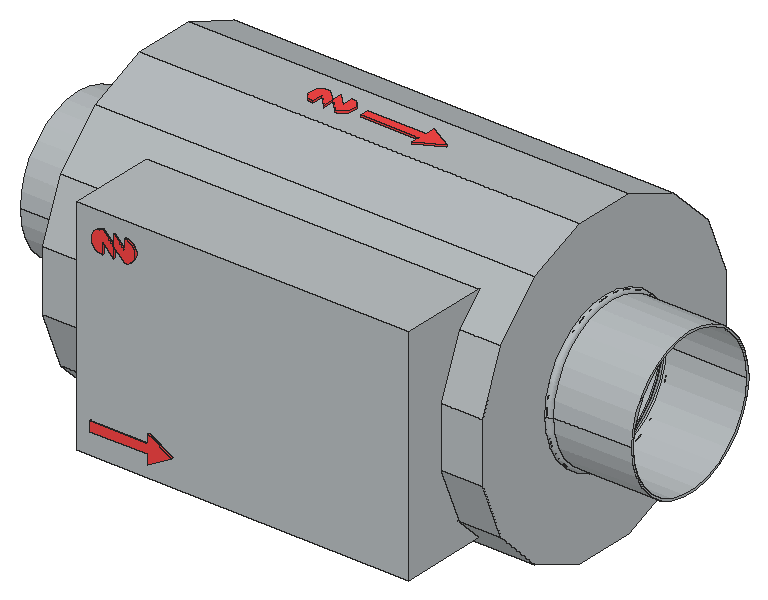
Revit family "NLRS_57_DUA_UN_round-constant-volume-damper-vcmh_sacs", category Duct Accessories, Revit 2019
Family settings
  Round Connector Dimension = Use Diameter
  Part Type = Breaks Into
  Work Plane-Based = No
  Always vertical = No
  Cut with Voids When Loaded = No
  Shared = No
Parameters (values of type "Double wall")
  URL = "https://solid-air.nl/producten/solid-air-volumeregelaar-vcmh-2/"
  SACS_Warning_Text_Size [instance] = if(SACS_Warning_Size, "Invalid duct size. Nearest larger size selected", " ")  # " "
  SACS_Warning_Text_Ploss [instance] = if(SACS_Warning_Ploss, "Defined ▲P below required value", " ")  # " "
  SACS_Warning_Text_Flow [instance] = if(SACS_Warning_Flow, "Airflow below advised 4m/s", " ")  # "Airflow below advised 4m/s"
  SACS_Warning_Size [instance] = not(NLRS_M_c01_diameter = SACS_Duct_Used_Size)  # no
  SACS_Warning_Sign [instance] = and(NLRS_M_c01_debiet > 0.0 m³/h, not(SACS_Disable_Warning), or(SACS_Warning_Flow, SACS_Warning_Ploss, SACS_Warning_Size))  # no
  SACS_Warning_Ploss [instance] = NLRS_M_c01_drukverlies_statisch < Minimal required ▲P over damper  # no
  SACS_Warning_Flow [instance] = SACS_Air_Velocity < Advised mininmal air velocity  # yes
  SACS_Type_Toggle [instance] = SACS_Index2 = 1 mm  # yes
  SACS_Type_Mark [instance] = ""
  SACS_Show_Control [instance] = SACS_Index1 > 0 mm  # no
  SACS_Price_Date [instance] = size_lookup(Product_Data, "Date", "NB", SACS_Index1, SACS_Index2, SACS_Duct_Used_Size)  # "01-02-2022"
  SACS_Option_2 [instance] = if(SACS_Index2 = 1 mm, "Double wall", "Single wall")  # "Double wall"
  SACS_Option_1 [instance] = if([Control type (0-2)] < 1, "Manual", if([Control type (0-2)] = 1, "24 volt, 2positions", "230 volt, 2positions"))  # "Manual"
  SACS_Model [instance] = size_lookup(Product_Data, "Model", "NB", SACS_Index1, SACS_Index2, SACS_Duct_Used_Size)  # "VCMHOA 80"
  SACS_Logo_Z [instance] = if(SACS_Type_Toggle, (SACS_Duct_Used_Size / 2) + 43.5 mm, SACS_Duct_Used_Size / 2)  # 83.5 mm
  SACS_Length_X2 [instance] = SACS_Duct_Used_Size * 2 * SACS_Dummy  # 160 mm
  SACS_Length_X [instance] = SACS_Duct_Used_Size * 3 * SACS_Dummy  # 240 mm
  SACS_Length_STD [instance] = if(SACS_Duct_Used_Size > 250 mm, 456 mm, if(SACS_Duct_Used_Size > 200 mm, 406 mm, 329 mm)) - (2 mm * 40) - 8 mm  # 241 mm
  SACS_Internal_Diameter [instance] = (SACS_Duct_Used_Size - 2 mm) * SACS_Dummy  # 78 mm
  SACS_Index2 = 1 mm
  SACS_Index1 [instance] = if([Control type (0-2)] < 1, 0 mm, if([Control type (0-2)] = 1, 1 mm, 2 mm))  # 0 mm
  SACS_Gross_Cost [instance] = size_lookup(Product_Data, "Product_Cost", 0, SACS_Index1, SACS_Index2, SACS_Duct_Used_Size)  # 322
  SACS_Duct_Used_Size [instance] = if(NLRS_M_c01_diameter > 250 mm, 315 mm, if(NLRS_M_c01_diameter > 200 mm, 250 mm, if(NLRS_M_c01_diameter > 160 mm, 200 mm, if(NLRS_M_c01_diameter > 125 mm, 160 mm, if(NLRS_M_c01_diameter > 100 mm, 125 mm, if(NLRS_M_c01_diameter > 80 mm, 100 mm, 80 mm))))))  # 80 mm
  SACS_Disable_Warning [instance] = no
  SACS_Damper_X_Offset [instance] = if(SACS_Duct_Used_Size > 200 mm, 100 mm, 80 mm)  # 80 mm
  SACS_Axel_Half_Length [instance] = ((SACS_Duct_Used_Size / 2) + 10 mm) * SACS_Dummy  # 50 mm
  SACS_Article_Code [instance] = size_lookup(Product_Data, "", "NB", SACS_Index1, SACS_Index2, SACS_Duct_Used_Size)  # "9200000029"
  SACS_Air_Velocity [instance] = SACS_Air_Flow / (pi() * (SACS_Duct_Used_Size / 2) ^ 2)  # 0.0 m/s
  NLRS_M_c01_drukverlies_statisch [instance] = 50.0 Pa
  LoadBearing = 1 = 0  # no
  IfcExportType = "CONTROLDAMPER"  # constant formula
  IfcExportAs = "IfcDamperType"  # constant formula
  IfcDescription = Description  # "Round Volume Damper VCMH"
  FireRating = "0h"  # constant formula
  built-in parameter 1114242 [instance] = (empty or 0)
  Type Comments = "Check flow direction!"  # constant formula
  SACS_Dummy = 1  # constant formula
  SACS_Air_Flow [instance] = 0.0 m³/h
  Show_recommended_placement_zone [instance] = yes
  NLRS_M_c01_diameter [instance] = 80 mm
  NLRS_M_c01_debiet [instance] = abs(SACS_Air_Flow)  # 0.0 m³/h
  NLRS_C_lengte [instance] = (SACS_Length_STD + 8 mm) * SACS_Dummy  # 249 mm
  Minimal required ▲P over damper [instance] = 50.0 Pa  # constant formula
  Product_Data = "VCMH_Data"  # constant formula
  Control type (0-2) [instance] = 0
  NLRS_C_niveau ontwikkeling = "LOD400"  # constant formula
  NLRS_C_model [instance] = SACS_Model  # "VCMHOA 80"
  NLRS_C_description = Description  # "Round Volume Damper VCMH"
  NLRS_C_content_versie = "Versie 3.19.00"  # constant formula
  NLRS_C_content_provider = "Solid Air Climate Systems"  # constant formula
  NLRS_C_content_datum_uitgifte = "29-04-2022"  # constant formula
  NLRS_C_content_creator = "J. Feeke"  # constant formula
  Model = "Constant volume damper - Round"  # constant formula
  Manufacturer = "Solid Air Climate Solutions"  # constant formula
  Description = "Round Volume Damper VCMH"  # constant formula
  External_Diameter_Double_Wall [instance] = (SACS_Duct_Used_Size + 90 mm) * SACS_Dummy  # 170 mm
  Assembly Code = "57.00"
  Advised mininmal air velocity [instance] = 4.0 m/s  # constant formula
Types (3, lengths in mm): name | URL | SACS_Type_Toggle | SACS_Option_2 | SACS_Model | SACS_Logo_Z | SACS_Index2 | SACS_Gross_Cost | SACS_Disable_Warning | SACS_Article_Code | NLRS_C_model
  (no name) | "https://solid-air.nl/producten/solid-air-volumeregelaar-vcmh-2/" | yes | "Double wall" | "VCMHOA 80" | 83.5 | 1 | 322 | no | "9200000029" | "VCMHOA 80"
  Single wall | "https://solid-air.nl/producten/solid-air-volumeregelaar-vcmh/" | no | "Single wall" | "VCMHOR 80" | 40 | 0 | 169 | yes | "9200000050" | "VCMHOR 80"
  Double wall | "https://solid-air.nl/producten/solid-air-volumeregelaar-vcmh-2/" | yes | "Double wall" | "VCMHOA 80" | 83.5 | 1 | 322 | no | "9200000029" | "VCMHOA 80"
Reference planes
  plane 1 "Center (Front/Back)": y = 0
  plane 2: z = 0
  plane 3 "Center (Left/Right)": x = 0
  plane 4 "L_In": x = -241
  plane 5 "Left": x = -245
  plane 6 "Right": x = 4
  plane 7 "Klepblad": x = -165
  plane 8: y = -50
  plane 9: y = 50
  plane 10: x = -481
  plane 11: x = 160
  plane 12 "top": z = 83.5
  plane 13: x = -120.5
  plane 14: x = -438.054
  plane 15 "Bottom": z = -83.5
  plane 16: x = -120.5
  plane 17: x = -730.5
  plane 18: x = -120.5
  plane 19: x = 359.936
Forms (mm)
  Extrusion 1, solid, not visible
    sketch origin (0, 0, 0) x (0, 1, 0) y (0, 0, 1)
      loop
        circle (0, 0) r 5
    from -245 to 4
  Extrusion 2, solid, material "NLRS_A_SACS_SVZ", detail levels medium+fine
    sketch origin (0, 0, 0) x (1, 0, 0) y (0, 0, 1)
      loop
        circle (-165, 0) r 6
    from -50 to 50
  Extrusion 3, solid, material "NLRS_A_SACS_SVZ", detail levels medium+fine
    sketch origin (0, 0, 0) x (1, 0, 0) y (0, 1, 0)
      loop
        spline (-126, 0) -> (-127.329, 10.094) -> (-131.225, 19.5) -> (-137.423, 27.577) -> (-145.5, 33.775) -> (-154.906, 37.671) -> (-165, 39) -> (-175.094, 37.671) -> (-184.5, 33.775) -> (-192.577, 27.577) -> (-198.775, 19.5) -> (-202.671, 10.094) -> (-204, 0)
        spline (-204, 0) -> (-202.671, -10.094) -> (-198.775, -19.5) -> (-192.577, -27.577) -> (-184.5, -33.775) -> (-175.094, -37.671) -> (-165, -39) -> (-154.906, -37.671) -> (-145.5, -33.775) -> (-137.423, -27.577) -> (-131.225, -19.5) -> (-127.329, -10.094) -> (-126, 0)
    from -0.5 to 0.5
  Sweep 4, solid, material "NLRS_A_SACS_SVZ", visible <- "SACS_Type_Toggle", detail levels medium+fine
    path in 3D
      loop
        line (-241, 0, 0) -> (0, 0, 0)
    profile "Profile_Buitenmantel : Profile_Buitenmantel" origin (-120.5, 0, 0) x (0, 1, 0) y (0, 0, 1)
      loop
        line (16.583, 83.367) -> (-16.583, 83.367) -> (-47.223, 70.675) -> (-70.675, 47.223) -> (-83.367, 16.583) -> (-83.367, -16.583) -> (-70.675, -47.223) -> (-47.223, -70.675) -> (-16.583, -83.367) -> (16.583, -83.367) -> (47.223, -70.675) -> (70.675, -47.223) -> (83.367, -16.583) -> (83.367, 16.583) -> (70.675, 47.223) -> (47.223, 70.675) -> (16.583, 83.367)
  Extrusion 5, solid, material "NLRS_A_SACS_SVZ", detail levels medium+fine
    sketch origin (-287, 0, 0) x (0, 1, 0) y (0, 0, 1)
      loop
        circle (0, 0) r 40
    from 46 to 287
  Extrusion 6, void
    sketch origin (-287, 0, 0) x (0, 1, 0) y (0, 0, 1)
      loop
        circle (0, 0) r 39
    from 46 to 287
  Sweep 7, solid, material "NLRS_A_SACS_SVZ", detail levels medium+fine
    path in 3D
      loop
        arc (0, 40, 0) -> (0, 0, -40) -> (0, -40, 0) r 40
        arc (0, -40, 0) -> (0, 0, 40) -> (0, 40, 0) r 40
    profile "Insertion_Profile : Insertion_Profile" origin (0, 0, 40) x (0, 0, 1) y (1, 0, 0)
      loop
        line (-1, 47) -> (-1, 3) -> (0, 3)
        arc (0, 3) -> (1, 2) -> (0, 1) r 1
        line (0, 1) -> (-1, 1) -> (-1, 0) -> (0, 0)
        arc (0, 0) -> (2, 2) -> (0, 4) r 2
        line (0, 4) -> (0, 47) -> (-1, 47)
  Sweep 8, solid, material "NLRS_A_SACS_SVZ", detail levels medium+fine
    path in 3D
      loop
        arc (-241, -40, 0) -> (-241, 0, -40) -> (-241, 40, 0) r 40
        arc (-241, 40, 0) -> (-241, 0, 40) -> (-241, -40, 0) r 40
    profile "Insertion_Profile : Insertion_Profile" origin (-241, 0, 40) x (0, 0, 1) y (-1, 0, 0)
      loop
        line (-1, 47) -> (-1, 3) -> (0, 3)
        arc (0, 3) -> (1, 2) -> (0, 1) r 1
        line (0, 1) -> (-1, 1) -> (-1, 0) -> (0, 0)
        arc (0, 0) -> (2, 2) -> (0, 4) r 2
        line (0, 4) -> (0, 47) -> (-1, 47)
  Extrusion 9, solid, material "SACS_Label", detail levels medium+fine
    sketch origin (216.019, 121.005, 83.5) x (-1, 0, 0) y (0, -1, 0)
      loop
        arc (371, 115.005) -> (377, 121.005) -> (371, 127.005) r 6
        line (371, 127.005) -> (371, 121.005) -> (365, 127.005) -> (365, 121.005) -> (371, 115.005)
    from 0 to 1
  Extrusion 10, solid, material "SACS_Label", detail levels medium+fine
    sketch origin (216.019, 121.005, 83.5) x (-1, 0, 0) y (0, -1, 0)
      loop
        arc (359, 127.005) -> (353, 121.005) -> (359, 115.005) r 6
        line (359, 115.005) -> (359, 121.005) -> (365, 115.005) -> (365, 121.005) -> (359, 127.005)
    from 0 to 1
  Extrusion 11, solid, material "SACS_Label", detail levels medium+fine
    sketch origin (317.554, 110.498, 83.5) x (-1, 0, 0) y (0, -1, 0)
      loop
        line (448.99, 112.998) -> (416.955, 112.998) -> (416.955, 117.998) -> (403.965, 110.498) -> (416.955, 102.998) -> (416.955, 107.998) -> (448.99, 107.998) -> (448.99, 112.998)
    from 1 to 0
  Extrusion 12, solid, material "SACS_Label", not visible, detail levels medium+fine
    sketch origin (-101.535, 121.005, 83.5) x (-1, 0, 0) y (0, -1, 0)
      loop
        arc (371, 115.005) -> (377, 121.005) -> (371, 127.005) r 6
        line (371, 127.005) -> (371, 121.005) -> (365, 127.005) -> (365, 121.005) -> (371, 115.005)
    from 0 to 1
  Extrusion 13, solid, material "SACS_Label", not visible, detail levels medium+fine
    sketch origin (-101.535, 121.005, 83.5) x (-1, 0, 0) y (0, -1, 0)
      loop
        arc (359, 127.005) -> (353, 121.005) -> (359, 115.005) r 6
        line (359, 115.005) -> (359, 121.005) -> (365, 115.005) -> (365, 121.005) -> (359, 127.005)
    from 0 to 1
  Extrusion 14, solid, material "SACS_Label", not visible, detail levels medium+fine
    sketch origin (0, 110.498, 83.5) x (-1, 0, 0) y (0, -1, 0)
      loop
        line (448.99, 112.998) -> (416.955, 112.998) -> (416.955, 117.998) -> (403.965, 110.498) -> (416.955, 102.998) -> (416.955, 107.998) -> (448.99, 107.998) -> (448.99, 112.998)
    from 1 to 0
  Extrusion 15, solid, material "SACS_Label", detail levels medium+fine
    sketch origin (610, 0, -83.5) x (-1, 0, 0) y (0, -1, 0)
      loop
        arc (764.981, -6) -> (770.981, 0) -> (764.981, 6) r 6
        line (764.981, 6) -> (764.981, 0) -> (758.981, 6) -> (758.981, 0) -> (764.981, -6)
    from -1 to 0
  Extrusion 16, solid, material "SACS_Label", detail levels medium+fine
    sketch origin (610, 0, -83.5) x (-1, 0, 0) y (0, -1, 0)
      loop
        arc (752.981, 6) -> (746.981, 0) -> (752.981, -6) r 6
        line (752.981, -6) -> (752.981, 0) -> (758.981, -6) -> (758.981, 0) -> (752.981, 6)
    from -1 to 0
  Extrusion 17, solid, material "SACS_Label", detail levels medium+fine
    sketch origin (610, 0, -83.5) x (-1, 0, 0) y (0, -1, 0)
      loop
        line (741.436, 2.5) -> (709.401, 2.5) -> (709.401, 7.5) -> (696.411, 0) -> (709.401, -7.5) -> (709.401, -2.5) -> (741.436, -2.5) -> (741.436, 2.5)
    from -1 to 0
  Extrusion 18, solid, material "SACS_Label", not visible, detail levels medium+fine
    sketch origin (0, 0, -83.5) x (-1, 0, 0) y (0, -1, 0)
      loop
        arc (764.981, -6) -> (770.981, 0) -> (764.981, 6) r 6
        line (764.981, 6) -> (764.981, 0) -> (758.981, 6) -> (758.981, 0) -> (764.981, -6)
    from -1 to 0
  Extrusion 19, solid, material "SACS_Label", not visible, detail levels medium+fine
    sketch origin (0, 0, -83.5) x (-1, 0, 0) y (0, -1, 0)
      loop
        arc (752.981, 6) -> (746.981, 0) -> (752.981, -6) r 6
        line (752.981, -6) -> (752.981, 0) -> (758.981, -6) -> (758.981, 0) -> (752.981, 6)
    from -1 to 0
  Extrusion 20, solid, material "SACS_Label", not visible, detail levels medium+fine
    sketch origin (0, 0, -83.5) x (-1, 0, 0) y (0, -1, 0)
      loop
        line (741.436, 2.5) -> (709.401, 2.5) -> (709.401, 7.5) -> (696.411, 0) -> (709.401, -7.5) -> (709.401, -2.5) -> (741.436, -2.5) -> (741.436, 2.5)
    from -1 to 0
Cuts and joins
  joined: Extrusion 2, Extrusion 3
  Extrusion 6 cuts Extrusion 1
  Extrusion 6 cuts Sweep 4
  Extrusion 6 cuts Extrusion 5
Lines and regions (mm)
  model lines, style "Placement Zone", visible <- "Show_recommended_placement_zone", detail levels medium+fine
    curve 1: line (-481, 40, 0) -> (-241, 40, 0)
    curve 2: line (-481, -40, 0) -> (-241, -40, 0)
    curve 3: line (-481, 40, 0) -> (-481, -40, 0)
    curve 11: line (3, 39, 0) -> (160, 39, 0)
    curve 12: line (160, 39, 0) -> (160, -39, 0)
    curve 13: line (1, -39, 0) -> (160, -39, 0)
  model lines, not visible, detail levels coarse+medium
    curve 4: line (-241, 0, 0) -> (0, 0, 0)
  sketch lines
    curve 5: line (-241, 0, 0) -> (0, 0, 0)
    curve 6: arc (0, -40, 0) -> (0, 0, 40) -> (0, 40, 0) r 40
    curve 7: arc (0, 40, 0) -> (0, 0, -40) -> (0, -40, 0) r 40
    curve 8: arc (-241, 40, 0) -> (-241, 0, 40) -> (-241, -40, 0) r 40
    curve 9: arc (-241, -40, 0) -> (-241, 0, -40) -> (-241, 40, 0) r 40
  model lines, detail levels coarse
    curve 10: line (-245, 0, 0) -> (4, 0, 0)
  symbolic lines, style "DuctAccessory", detail levels coarse
    curve 14: circle (-120.5, 0, 0) r 10 normal (0, 0, 1)
    curve 15: line (-120.5, 0, 0) -> (-109.893, 10.607, 0)
    curve 16: line (-120.5, 0, 0) -> (-131.107, -10.607, 0)
  symbolic lines, style "DuctAccessory", not visible, detail levels coarse
    curve 17: circle (359.936, 60.607, 0) r 10 normal (0, 0, 1)
    curve 18: line (359.936, 60.607, 0) -> (370.542, 71.213, 0)
    curve 19: line (359.936, 60.607, 0) -> (349.329, 50, 0)
Dimensions and locks
  plane 4 "L_In" to plane 3 "Center (Left/Right)" = 241 mm  (x2)
  plane 5 "Left" to plane 4 "L_In" = 4 mm
  plane 3 "Center (Left/Right)" to plane 6 "Right" = 4 mm
  "SACS_Axel_Half_Length": plane 9 to plane 1 "Center (Front/Back)" to plane 8
  "SACS_Length_X": plane 10 to plane 4 "L_In"
  equal spacing: curve 2, plane 1 "Center (Front/Back)", curve 1
  "SACS_Duct_Used_Size": curve 2 to curve 1
  "SACS_Internal_Diameter": Extrusion 3 sketch curve to Extrusion 3 sketch curve  (x2)
  plane 5 "Left" to plane 6 "Right" = 249 mm
  "SACS_Damper_X_Offset": plane 5 "Left" to plane 7 "Klepblad"
  "SACS_Length_X2": plane 3 "Center (Left/Right)" to plane 11
  "SACS_Logo_Z": plane 12 "top" to plane 2
  equal spacing: plane 4 "L_In", plane 13, plane 3 "Center (Left/Right)"
  "SACS_Logo_Z": plane 2 to plane 15 "Bottom"
  equal spacing: plane 4 "L_In", plane 16, plane 3 "Center (Left/Right)"
  diameter of Extrusion 1 sketch curve = 10 mm
  "SACS_Duct_Used_Size": diameter of Extrusion 5 sketch curve
  "SACS_Internal_Diameter": diameter of Extrusion 6 sketch curve
  aligned and locked: level to plane 2
  aligned and locked: Extrusion 1 to plane 5 "Left"
  aligned and locked: plane 6 "Right" to Extrusion 1
  aligned and locked: Extrusion 2 to plane 8
  aligned and locked: plane 9 to Extrusion 2
  aligned and locked: curve 3 to plane 10
  aligned and locked: plane 4 "L_In" to curve 1
  aligned and locked: plane 4 "L_In" to curve 2
  aligned and locked: plane 1 "Center (Front/Back)" to curve 4
  aligned and locked: plane 4 "L_In" to curve 4
  aligned and locked: plane 3 "Center (Left/Right)" to curve 4
  aligned and locked: plane 3 "Center (Left/Right)" to cut or joined group of Extrusion 5, Extrusion 6  (x2)
  aligned and locked: cut or joined group of Extrusion 5, Extrusion 6 to plane 4 "L_In"  (x2)
  aligned and locked: plane 5 "Left" to curve 10
  aligned and locked: plane 6 "Right" to curve 10
  aligned and locked: plane 1 "Center (Front/Back)" to nested 1
  aligned and locked: plane 7 "Klepblad" to nested 1
  aligned and locked: plane 18 to plane 16
  aligned and locked: nested 2 to plane 16
  aligned and locked: plane 1 "Center (Front/Back)" to nested 2
Automatic sketch dimensions
  Extrusion 1 sketch curve to level = 0 mm
  Extrusion 1 sketch curve to plane 1 "Center (Front/Back)" = 0 mm
  Extrusion 2 sketch curve to level = 0 mm
  Extrusion 2 sketch curve to plane 7 "Klepblad" = 0 mm
  Extrusion 11 sketch curve to Extrusion 11 sketch curve = 12.99 mm
  Extrusion 11 sketch curve to Extrusion 11 sketch curve = 0 mm
  Extrusion 11 sketch curve to Extrusion 11 sketch curve = 32.035 mm
  Extrusion 11 sketch curve to Extrusion 11 sketch curve = 2.5 mm
  Extrusion 11 sketch curve to Extrusion 11 sketch curve = 5 mm  (x3)
  Extrusion 9 sketch curve to Extrusion 9 sketch curve = 6 mm  (x3)
  Extrusion 9 sketch curve to Extrusion 9 sketch curve = 0 mm  (x2)
  Extrusion 10 sketch curve to Extrusion 10 sketch curve = 6 mm  (x2)
  Extrusion 10 sketch curve to Extrusion 10 sketch curve = 0 mm  (x3)
  Extrusion 14 sketch curve to Extrusion 14 sketch curve = 12.99 mm
  Extrusion 14 sketch curve to Extrusion 14 sketch curve = 0 mm
  Extrusion 14 sketch curve to Extrusion 14 sketch curve = 32.035 mm
  Extrusion 14 sketch curve to Extrusion 14 sketch curve = 2.5 mm
  Extrusion 14 sketch curve to Extrusion 14 sketch curve = 5 mm  (x3)
  Extrusion 12 sketch curve to Extrusion 12 sketch curve = 6 mm  (x3)
  Extrusion 12 sketch curve to Extrusion 12 sketch curve = 0 mm  (x2)
  Extrusion 13 sketch curve to Extrusion 13 sketch curve = 6 mm  (x2)
  Extrusion 13 sketch curve to Extrusion 13 sketch curve = 0 mm  (x3)
  Extrusion 15 sketch curve to plane 16 = 28.481 mm
  Extrusion 15 sketch curve to Extrusion 15 sketch curve = 6 mm  (x3)
  Extrusion 16 sketch curve to plane 16 = 22.481 mm
  Extrusion 16 sketch curve to Extrusion 16 sketch curve = 6 mm  (x2)
  plane 16 to Extrusion 17 sketch curve = 34.089 mm
  Extrusion 17 sketch curve to Extrusion 17 sketch curve = 12.99 mm
  Extrusion 17 sketch curve to Extrusion 17 sketch curve = 0 mm
  Extrusion 17 sketch curve to plane 16 = 10.936 mm
  Extrusion 17 sketch curve to Extrusion 17 sketch curve = 5 mm  (x3)
  Extrusion 15 sketch curve to Extrusion 15 sketch curve = 0 mm  (x2)
  Extrusion 16 sketch curve to Extrusion 16 sketch curve = 0 mm  (x3)
  Extrusion 17 sketch curve to Extrusion 17 sketch curve = 2.5 mm
  Extrusion 18 sketch curve to plane 17 = 28.481 mm
  Extrusion 18 sketch curve to Extrusion 18 sketch curve = 6 mm  (x3)
  Extrusion 19 sketch curve to plane 17 = 22.481 mm
  Extrusion 19 sketch curve to Extrusion 19 sketch curve = 6 mm  (x2)
  plane 17 to Extrusion 20 sketch curve = 34.089 mm
  Extrusion 20 sketch curve to Extrusion 20 sketch curve = 12.99 mm
  Extrusion 20 sketch curve to Extrusion 20 sketch curve = 0 mm
  Extrusion 20 sketch curve to plane 17 = 10.936 mm
  Extrusion 20 sketch curve to Extrusion 20 sketch curve = 5 mm  (x3)
  Extrusion 18 sketch curve to Extrusion 18 sketch curve = 0 mm  (x2)
  Extrusion 19 sketch curve to Extrusion 19 sketch curve = 0 mm  (x3)
  Extrusion 20 sketch curve to Extrusion 20 sketch curve = 2.5 mm
  curve 12 to plane 11 = 0 mm
  plane 1 "Center (Front/Back)" to curve 10 = 0 mm
  plane 8 to curve 12 = 11 mm
  curve 11 to plane 9 = 11 mm
  plane 3 "Center (Left/Right)" to curve 13 = 1 mm
  curve 11 to plane 6 "Right" = 1 mm
  plane 1 "Center (Front/Back)" to Extrusion 3 sketch curve = 0 mm
  Extrusion 3 sketch curve to plane 7 "Klepblad" = 0 mm
  Extrusion 5 sketch curve to level = 0 mm
  Extrusion 5 sketch curve to plane 1 "Center (Front/Back)" = 0 mm
  Extrusion 6 sketch curve to level = 0 mm
  Extrusion 6 sketch curve to plane 1 "Center (Front/Back)" = 0 mm
  radius of Extrusion 2 sketch curve = 6 mm
Nested families
  nested 1: "bediening" at (-114, 0, 0), type "bediening", detail levels medium+fine
  nested 2: "Warning" at (-120.5, 0, 0), visible <- "SACS_Warning_Sign", type "Warning"
Connectors
  hvac at (4, 0, 0), driven by "NLRS_M_c01_diameter", driven by "SACS_Air_Flow", driven by "NLRS_M_c01_drukverlies_statisch"
    settings: on Extrusion 1, index 1, duct flow 0.0 m³/h, flow factor 0, pres drop 50.0 Pa, loss coef 0, conn angle 0.00°, conn width 304.8 mm, conn height 304.8 mm, conn diameter 80 mm, duct sys type 29, conn prof type 0, flow config 0, flow direction 2, loss method 4, conn ref index 2, conn util no, is conn primary no, conn desc "Air out"
  hvac at (-245, 0, 0), driven by "NLRS_M_c01_diameter", driven by "SACS_Air_Flow"
    settings: on Extrusion 1, index 2, duct flow 0.0 m³/h, flow factor 0, pres drop 0.0 Pa, loss coef 0, conn angle 0.00°, conn width 304.8 mm, conn height 304.8 mm, conn diameter 80 mm, duct sys type 29, conn prof type 0, flow config 0, flow direction 1, loss method 4, conn ref index 1, conn util no, is conn primary yes, conn desc "Air in"
Definition of nested family "bediening"
  Parameters (values of type "bediening")
    material = none
    b1 = if(D > 122 mm, R * cos(A), 0 mm)  # 79.24 mm
    a1 = if(D > 122 mm, R * sin(A), R)  # 61 mm
    a = if(D < 122 mm, R, 61 mm)  # 61 mm
    R = D / 2  # 100 mm
    L = 182 mm / 2  # 91 mm
    D = 200 mm
    Belimo = yes
    A = if(D > 122 mm, asin(a / R), 90.00°)  # 37.5895°
  Reference planes
    plane 1 "Center (Front/Back)": y = 0
    plane 2: z = 0
    plane 3 "Center (Left/Right)": x = 0
    plane 4: y = -100
    plane 5 "Front": y = -165
    plane 6: z = 61
    plane 7: z = -61
    plane 8: y = -79.24
    plane 9: z = 61
    plane 10: z = -61
    plane 11: x = -91
    plane 12: x = 91
    plane 13: x = -51
  Forms (mm)
    Extrusion 1, solid, material <- "material"
      sketch origin (0, 0, 0) x (0, 1, 0) y (0, 0, 1)
        loop
          line (-165, 61) -> (-165, -61) -> (-101.053, -61) -> (-79.24, -61) -> (-79.24, 61) -> (-100, 61) -> (-165, 61)
      from -91 to 91
    Extrusion 2, void
      sketch origin (0, 0, 0) x (0, 1, 0) y (0, 0, 1)
        loop
          circle (0, 0) r 100
      from -91 to 91
    Extrusion 3, solid
      sketch origin (-124.372, -165, -14.231) x (0, 0, 1) y (-1, 0, 0)
        loop
          arc (55, -60.186) -> (61, -66.186) -> (67, -60.186) r 6
          line (67, -60.186) -> (61, -60.186) -> (67, -54.186) -> (61, -54.186) -> (55, -60.186)
      from 0 to 1
    Extrusion 4, solid
      sketch origin (-124.372, -165, -14.231) x (0, 0, 1) y (-1, 0, 0)
        loop
          arc (67, -48.186) -> (61, -42.186) -> (55, -48.186) r 6
          line (55, -48.186) -> (61, -48.186) -> (55, -54.186) -> (61, -54.186) -> (67, -48.186)
      from 0 to 1
    Extrusion 5, solid
      sketch origin (-1.715, -165, 14.941) x (0, 0, -1) y (1, 0, 0)
        loop
          line (63.498, -81.57) -> (63.498, -49.535) -> (68.498, -49.535) -> (60.998, -36.545) -> (53.498, -49.535) -> (58.498, -49.535) -> (58.498, -81.57) -> (63.498, -81.57)
      from 0 to 1
    Extrusion 6, solid, visible <- "Belimo"
      sketch origin (189.403, -165, 76.638) x (0, 0, 1) y (-1, 0, 0)
        loop
          line (-63.373, 233.527) -> (-129.373, 233.527) -> (-129.373, 117.527) -> (-63.373, 117.527) -> (-63.373, 233.527)
      from 0 to 16
    Extrusion 7, solid, visible <- "Belimo"
      sketch origin (189.403, -165, 76.638) x (0, 0, 1) y (-1, 0, 0)
        loop
          line (-63.373, 233.527) -> (-129.373, 233.527) -> (-129.373, 157.527) -> (-63.373, 157.527) -> (-63.373, 233.527)
      from 16 to 59.5
    Extrusion 8, solid, visible <- "Belimo"
      sketch origin (186.903, -165, 76.638) x (0, 0, 1) y (-1, 0, 0)
        loop
          circle (-96.378, 137.231) r 17.5
      from 16 to 47
    Extrusion 9, solid, visible <- "Belimo"
      sketch origin (-44.124, -165, -52.735) x (0, 0, 1) y (0, 1, 0)
        loop
          circle (45.147, -41.684) r 6
      from 0 to 41
    Extrusion 10, solid, visible <- "Belimo"
      sketch origin (-44.124, -165, -52.735) x (0, 0, 1) y (0, 1, 0)
        loop
          line (56.469, -26.82) -> (33.01, -26.82) -> (33.01, -59.82) -> (56.469, -59.82) -> (56.469, -26.82)
      from -19 to 8
  Cuts and joins
    Extrusion 2 cuts Extrusion 1
    joined: Extrusion 6, Extrusion 7
    joined: Extrusion 9, Extrusion 10
  Lines and regions (mm)
    model lines
      curve 1: arc (20.234, -165, -14.134) -> (77.315, -165, -31.519) -> (25.112, -165, -2.618) r 30
      curve 2: line (14.704, -165, -1.938) -> (52.232, -165, -4.389)
      curve 3: arc (14.704, -165, -1.938) -> (12.934, -165, -2.378) -> (11.744, -165, -3.762) r 3.003
      curve 4: arc (39.224, -165, -31.263) -> (63.676, -165, -26.513) -> (52.232, -165, -4.389) r 15.558
      curve 5: line (12.497, -165, -7.154) -> (39.224, -165, -31.263)
      curve 6: arc (12.497, -165, -7.154) -> (11.578, -165, -5.578) -> (11.744, -165, -3.762) r 2.996
      curve 7: line (3.709, -165, -8.402) -> (17.765, -165, -11.906)
      curve 8: line (4.871, -165, -4.439) -> (12.336, -165, -7.009)
      curve 9: line (6.375, -165, -0.592) -> (12.1, -165, -3.141)
      curve 10: line (8.208, -165, 3.109) -> (17.661, -165, -2.132)
      curve 11: line (10.357, -165, 6.635) -> (23.965, -165, -2.543)
      curve 12: line (12.805, -165, 9.962) -> (26.333, -165, -0.993)
      curve 13: line (15.533, -165, 13.062) -> (28.058, -165, 0.967)
      curve 14: line (18.522, -165, 15.913) -> (29.947, -165, 2.769)
      curve 15: line (21.747, -165, 18.492) -> (31.986, -165, 4.399)
      curve 16: line (25.185, -165, 20.78) -> (34.158, -165, 5.847)
      curve 17: line (28.809, -165, 22.76) -> (36.448, -165, 7.1)
      curve 18: line (32.592, -165, 24.417) -> (38.837, -165, 8.149)
      curve 19: line (36.506, -165, 25.738) -> (41.309, -165, 8.986)
      curve 20: line (40.519, -165, 26.712) -> (43.844, -165, 9.606)
      curve 21: line (44.602, -165, 27.333) -> (46.423, -165, 10.003)
      curve 22: line (48.723, -165, 27.596) -> (49.028, -165, 10.174)
      curve 23: line (52.852, -165, 27.499) -> (51.637, -165, 10.118)
      curve 24: line (56.957, -165, 27.042) -> (54.232, -165, 9.835)
      curve 25: line (61.006, -165, 26.229) -> (56.792, -165, 9.328)
      curve 26: line (64.969, -165, 25.066) -> (59.299, -165, 8.601)
  Dimensions and locks
    locked: plane 5 "Front" to plane 4 at 65
    "R": plane 1 "Center (Front/Back)" to plane 4
    "a1": plane 6 to plane 2 to plane 7
    plane 10 to plane 2 to plane 9 = 61 mm locked, 61 mm locked
    "b1": plane 1 "Center (Front/Back)" to plane 8
    "L": plane 11 to plane 3 "Center (Left/Right)" to plane 12
    locked: plane 11 to plane 13 at 40
    cut or joined group of Extrusion 6, Extrusion 7 to level to cut or joined group of Extrusion 6, Extrusion 7 = 13.265 mm locked, 52.735 mm locked
    locked: level to Extrusion 8 sketch curve at 19.74
    "R": radius of Extrusion 2 sketch curve
    aligned and locked: level to plane 2
    aligned and locked: Extrusion 1 to plane 11
    aligned and locked: plane 12 to Extrusion 1
    aligned and locked: Extrusion 2 to Extrusion 1
    aligned and locked: Extrusion 1 to Extrusion 2
    aligned and locked: cut or joined group of Extrusion 6, Extrusion 7 to cut or joined group of Extrusion 6, Extrusion 7  (x4)
  Automatic sketch dimensions
    Extrusion 1 sketch curve to plane 5 "Front" = 0 mm
    plane 10 to Extrusion 1 sketch curve = 0 mm
    Extrusion 1 sketch curve to plane 4 = 0 mm
    Extrusion 1 sketch curve to plane 6 = 0 mm
    Extrusion 1 sketch curve to plane 8 = 0 mm
    Extrusion 1 sketch curve to plane 7 = 0 mm
    plane 9 to Extrusion 1 sketch curve = 0 mm
    plane 4 to Extrusion 1 sketch curve = 1.053 mm
    Extrusion 1 to Extrusion 3 sketch curve = 20.231 mm
    Extrusion 3 sketch curve to Extrusion 3 sketch curve = 6 mm  (x3)
    Extrusion 3 sketch curve to Extrusion 3 sketch curve = 0 mm  (x2)
    Extrusion 1 to Extrusion 3 sketch curve = 26.814 mm
    Extrusion 1 to Extrusion 4 sketch curve = 20.231 mm
    Extrusion 4 sketch curve to Extrusion 4 sketch curve = 0 mm  (x3)
    Extrusion 4 sketch curve to Extrusion 4 sketch curve = 6 mm  (x2)
    Extrusion 1 to Extrusion 4 sketch curve = 20.814 mm
    Extrusion 5 sketch curve to Extrusion 1 = 22.443 mm
    Extrusion 5 sketch curve to Extrusion 5 sketch curve = 5 mm  (x2)
    Extrusion 5 sketch curve to Extrusion 1 = 14.943 mm
    Extrusion 5 sketch curve to Extrusion 1 = 7.443 mm
    Extrusion 1 to Extrusion 5 sketch curve = 7.715 mm
    Extrusion 5 sketch curve to Extrusion 5 sketch curve = 32.035 mm
    Extrusion 5 sketch curve to Extrusion 5 sketch curve = 0 mm
    Extrusion 5 sketch curve to Extrusion 5 sketch curve = 12.99 mm
    curve 1 to curve 4 = 0.084 mm
    curve 5 to curve 3 = 2.219 mm
    curve 3 to curve 6 = 0.005 mm  (x2)
    curve 6 to curve 2 = 2.991 mm
    curve 4 to curve 1 = 2.541 mm
    curve 1 to curve 4 = 0.018 mm
    curve 1 to curve 7 = 2.227 mm
    curve 7 to curve 6 = 1.248 mm
    curve 1 to curve 7 = 2.469 mm
    curve 6 to curve 7 = 8.788 mm
    curve 7 to curve 8 = 4.897 mm
    curve 7 to curve 8 = 3.963 mm
    curve 7 to curve 8 = 5.43 mm
    curve 8 to curve 7 = 1.163 mm
    curve 16 to curve 17 = 1.253 mm
    curve 17 to curve 18 = 1.049 mm
    curve 18 to curve 19 = 0.837 mm
    curve 26 to curve 25 = 0.728 mm
    curve 19 to curve 20 = 0.619 mm
    curve 25 to curve 24 = 0.507 mm
    curve 20 to curve 21 = 0.397 mm
    curve 24 to curve 23 = 0.282 mm
    curve 23 to curve 22 = 0.056 mm
    curve 16 to curve 16 = 14.934 mm
    curve 16 to curve 17 = 1.98 mm
    curve 17 to curve 18 = 1.657 mm
    Extrusion 1 to curve 26 = 26.031 mm
    curve 26 to curve 26 = 16.466 mm
    curve 18 to curve 19 = 1.321 mm
    curve 26 to curve 25 = 1.163 mm
    curve 19 to curve 20 = 0.975 mm
    curve 25 to curve 24 = 0.813 mm
    curve 20 to curve 21 = 0.621 mm
    curve 24 to curve 23 = 0.457 mm
    curve 23 to curve 22 = 0.097 mm
    curve 26 to curve 23 = 12.117 mm
    curve 25 to curve 24 = 2.561 mm
    curve 24 to curve 23 = 4.105 mm
    curve 25 to curve 24 = 4.049 mm
    curve 23 to curve 22 = 4.129 mm
    curve 22 to curve 21 = 4.122 mm
    curve 21 to curve 20 = 4.083 mm
    curve 20 to curve 19 = 4.013 mm
    curve 19 to curve 18 = 3.913 mm
    curve 18 to curve 17 = 3.783 mm
    curve 17 to curve 16 = 3.624 mm
    curve 1 to curve 11 = 0.075 mm
    curve 11 to curve 12 = 1.55 mm
    curve 12 to curve 13 = 1.96 mm
    curve 13 to curve 14 = 1.802 mm
    curve 15 to curve 16 = 1.447 mm
    curve 2 to curve 11 = 8.574 mm
    curve 11 to curve 12 = 3.326 mm
    curve 12 to curve 13 = 3.1 mm
    curve 13 to curve 14 = 2.851 mm
    curve 15 to curve 16 = 2.288 mm
    curve 15 to curve 14 = 2.038 mm
    curve 14 to curve 13 = 1.889 mm
    curve 13 to curve 12 = 1.725 mm
    curve 12 to curve 11 = 2.368 mm
    curve 16 to curve 15 = 3.438 mm
    curve 15 to curve 14 = 3.225 mm
    curve 14 to curve 13 = 2.988 mm
    curve 13 to curve 12 = 2.729 mm
    curve 12 to curve 11 = 2.448 mm
    curve 8 to curve 9 = 3.868 mm
    curve 9 to curve 10 = 1.01 mm
    curve 8 to curve 9 = 3.846 mm
    curve 9 to curve 10 = 3.701 mm
    curve 10 to curve 9 = 5.561 mm
    curve 11 to curve 10 = 2.149 mm
    curve 10 to curve 9 = 1.833 mm
    curve 24 to curve 2 = 4.725 mm
    plane 7 to Extrusion 6 sketch curve = 8.265 mm
    plane 7 to Extrusion 6 sketch curve = 74.265 mm
    plane 11 to Extrusion 6 sketch curve = 162.876 mm
    Extrusion 6 sketch curve to Extrusion 6 sketch curve = 116 mm
    plane 7 to Extrusion 7 sketch curve = 8.265 mm
    plane 7 to Extrusion 7 sketch curve = 74.265 mm
    plane 11 to Extrusion 7 sketch curve = 122.876 mm
    Extrusion 7 sketch curve to Extrusion 7 sketch curve = 76 mm
    plane 11 to Extrusion 8 sketch curve = 140.673 mm
    Extrusion 6 to Extrusion 9 sketch curve = 20.853 mm
    Extrusion 9 sketch curve to Extrusion 6 = 25.684 mm
    Extrusion 10 sketch curve to Extrusion 6 = 10.82 mm
    Extrusion 6 to Extrusion 10 sketch curve = 32.99 mm
    Extrusion 6 to Extrusion 10 sketch curve = 9.531 mm
    Extrusion 10 sketch curve to Extrusion 10 sketch curve = 33 mm
    curve 5 to Extrusion 1 = 29.737 mm
    Extrusion 2 sketch curve to level = 0 mm
    Extrusion 2 sketch curve to plane 1 "Center (Front/Back)" = 0 mm
    radius of Extrusion 8 sketch curve = 17.5 mm
    radius of Extrusion 9 sketch curve = 6 mm
Definition of nested family "Warning"
  Parameters (values of type "Warning")
    straal = 1000 mm
  Reference planes
    plane 1 "Center (Front/Back)": y = 0
    plane 2: z = 0
    plane 3 "Center (Left/Right)": x = 0
  Lines and regions (mm)
    Filled region 1, type "Solid Fill - Black", in view "Ref. Level"
      outline origin (0, 0, 0) x (1, 0, 0) y (0, 1, 0)
        loop
          line (-25.8, 75) -> (-20, -12.003) -> (20, -12.003) -> (25.8, 75) -> (-25.8, 75)
        loop
          circle (0, -50) r 25
